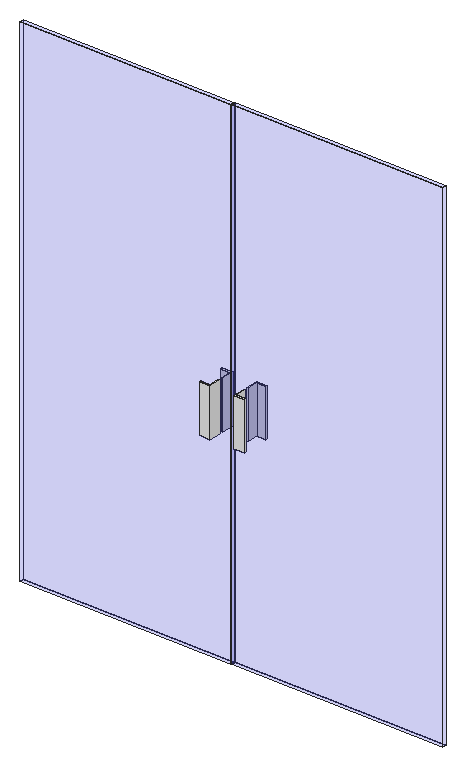
Revit family "M_Porta-Parede-Cortina-Vidro-Duplo", category Portas, Revit 2019
Family settings
  Número OmniClass = 23.30.10.00
  Título OmniClass = Doors
  Sempre na vertical = Sim
  Corte com vazios quando carregada = Não
  Compartilhado = Não
  Ponto de cálculo do ambiente = Não
Parameters
  Largura [instance] = 1800 mm
  Visual Light Transmittance = 0
  Resistência térmica (R) = 1.7611 (m²·K)/W
  Ângulo de abertura [instance] = 90.00°
  Solar Heat Gain Coefficient = 0
  Largura do painel [instance] = 1 / 2 * Largura  # 900 mm
  Deslocamento = 50.8 mm
  Construction Type Id = ""
  Coeficiente de transferência de calor (U) = 0.567826 W/(m²·K)
  Material da maçaneta = Alumín. 1
  Vidraça = Vidro
  Função = Exterior
  Código de montagem = "B2030100"
  Construção analítica = "<Nenhum>"
Reference planes
  plane 1 "Centro (Frente/Trás)": y = 0
  plane 2: z = 0
  plane 3 "Centro (Esquerda/Direita)": x = 0.023
  plane 4 "Esquerda": x = -899.977
  plane 5 "Direita": x = 900.023
  plane 6 "Superior": z = 2133.6
  plane 7: z = 1066.8
  plane 8: y = 50.8
  plane 9: z = 863.6
  plane 10: z = 1066.8
Forms (mm)
  Extrusion 1, solid, material "Vidro" <- "Vidraça"
    sketch origin (0, 0, 0) x (1, 0, 0) y (0, 0, 1)
      loop
        line (900.023, 2133.6) -> (1.611, 2133.6) -> (1.611, 0) -> (900.023, 0) -> (900.023, 2133.6)
    from -50.8 to -31.75
  Extrusion 2, solid, material "Vidro" <- "Vidraça"
    sketch origin (0, 0, 0) x (1, 0, 0) y (0, 0, 1)
      loop
        line (-899.977, 2133.6) -> (-899.977, 0) -> (-1.564, 0) -> (-1.564, 2133.6) -> (-899.977, 2133.6)
    from -50.8 to -31.75
  Extrusion 3, solid, material "Alumín. 1" <- "Material da maçaneta", detail levels fine
    sketch origin (-82.5, 0, 0) x (1, 0, 0) y (0, 1, 0)
      loop
        line (31.723, 50.8) -> (31.723, 101.6) -> (-12.727, 101.6) -> (-12.727, 95.25) -> (25.373, 95.25) -> (25.373, 50.8) -> (31.723, 50.8)
      loop
        line (133.323, 50.8) -> (139.673, 50.8) -> (139.673, 95.25) -> (177.773, 95.25) -> (177.773, 101.6) -> (133.323, 101.6) -> (133.323, 50.8)
      loop
        line (31.723, 31.75) -> (25.373, 31.75) -> (25.373, -12.7) -> (-12.727, -12.7) -> (-12.727, -19.05) -> (31.723, -19.05) -> (31.723, 31.75)
      loop
        line (133.323, 31.75) -> (133.323, -19.05) -> (177.773, -19.05) -> (177.773, -12.7) -> (139.673, -12.7) -> (139.673, 31.75) -> (133.323, 31.75)
    from 863.6 to 1066.8
Lines and regions (mm)
  symbolic lines, style "Giro da elevação"
    curve 1: line (1.611, 0, 2133.6) -> (900.023, 0, 1066.8)
    curve 2: line (900.023, 0, 1066.8) -> (0.023, 0, -1.855)
    curve 3: line (0.023, 0, -1.855) -> (-899.977, 0, 1066.8)
    curve 4: line (-899.977, 0, 1066.8) -> (-1.564, 0, 2133.6)
Text (mm)
  text "Exterior" at (-873.151, 1092.624, 0), in view "Nível de referência"
Dimensions and locks
  equal spacing: plane 4 "Esquerda", plane 3 "Centro (Esquerda/Direita)", plane 5 "Direita"
  equal spacing: plane 2, plane 7, plane 6 "Superior"
  locked: Extrusion 1 sketch curve to plane 3 "Centro (Esquerda/Direita)" at 1.587
  "Deslocamento": plane 1 "Centro (Frente/Trás)" to plane 8
  locked: Extrusion 1 to plane 8 at 19.05
  locked: plane 3 "Centro (Esquerda/Direita)" to Extrusion 2 sketch curve at 1.588
  locked: Extrusion 2 to plane 8 at 19.05
  plane 2 to plane 9 = 863.6 mm
  locked: plane 9 to plane 10 at 203.2
  Extrusion 3 sketch curve to Extrusion 3 sketch curve to plane 8 = 6.35 mm locked, 44.45 mm locked
  plane 8 to Extrusion 3 sketch curve to Extrusion 3 sketch curve = 44.45 mm locked, 6.35 mm locked
  Extrusion 3 sketch curve to Extrusion 3 sketch curve to Extrusion 1 = 6.35 mm locked, 44.45 mm locked
  Extrusion 2 to Extrusion 3 sketch curve to Extrusion 3 sketch curve = 44.45 mm locked, 6.35 mm locked
  plane 4 "Esquerda" to plane 3 "Centro (Esquerda/Direita)" = 900 mm
  "Largura": plane 4 "Esquerda" to plane 5 "Direita"
  aligned and locked: Extrusion 1 sketch curve to plane 5 "Direita"
  aligned and locked: Extrusion 1 sketch curve to plane 6 "Superior"
  aligned and locked: Extrusion 1 sketch curve to level
  aligned and locked: Extrusion 1 to plane 8
  aligned and locked: level to Extrusion 2 sketch curve
  aligned and locked: Extrusion 2 sketch curve to plane 4 "Esquerda"
  aligned and locked: plane 6 "Superior" to Extrusion 2 sketch curve
  aligned and locked: Extrusion 1 to Extrusion 2
  aligned and locked: plane 10 to Extrusion 3
  aligned and locked: plane 9 to Extrusion 3
  aligned and locked: plane 8 to Extrusion 3 sketch curve
  aligned and locked: Extrusion 3 sketch curve to plane 8
  aligned and locked: Extrusion 3 sketch curve to Extrusion 3 sketch curve
  aligned and locked: Extrusion 3 sketch curve to Extrusion 1
  aligned and locked: plane 8 to nested 1
  aligned and locked: nested 1 to plane 5 "Direita"  (x2)
  aligned and locked: nested 2 to plane 3 "Centro (Esquerda/Direita)"
  aligned and locked: nested 1 to plane 3 "Centro (Esquerda/Direita)"
  aligned and locked: nested 2 to plane 4 "Esquerda"
  aligned and locked: nested 2 to plane 8
Automatic sketch dimensions
  curve 4 to plane 6 "Superior" = 0 mm
  curve 1 to plane 6 "Superior" = 0 mm
  curve 2 to plane 5 "Direita" = 0 mm
  curve 2 to plane 7 = 0 mm
  curve 4 to plane 4 "Esquerda" = 0 mm
  curve 4 to plane 7 = 0 mm
  curve 3 to plane 3 "Centro (Esquerda/Direita)" = 0 mm
  curve 3 to level = 1.855 mm
  curve 4 to plane 3 "Centro (Esquerda/Direita)" = 1.588 mm
  plane 3 "Centro (Esquerda/Direita)" to curve 1 = 1.587 mm
  Extrusion 3 sketch curve to plane 3 "Centro (Esquerda/Direita)" = 95.25 mm  (x2)
  Extrusion 3 sketch curve to Extrusion 3 sketch curve = 38.1 mm  (x3)
  Extrusion 3 sketch curve to Extrusion 3 sketch curve = 0 mm
  Extrusion 3 sketch curve to Extrusion 3 sketch curve = 6.35 mm  (x4)
  plane 3 "Centro (Esquerda/Direita)" to Extrusion 3 sketch curve = 50.8 mm  (x2)
Nested families
  nested 1: "Porta de parede cortina abertura única" at (900.023, 50.8, 0), Ângulo de abertura <- "Ângulo de abertura", type "Único"
    with Abertura visível yes, Ângulo de abertura 90.00°, Ângulo real 90.00°
  nested 2: "Porta de parede cortina abertura única" at (-899.977, 50.8, 0) x (-1, 0, 0) z (0, 0, 1), Ângulo de abertura <- "Ângulo de abertura", type "Único"
    with Abertura visível yes, Ângulo de abertura 90.00°, Ângulo real 90.00°
Definition of nested family "Porta de parede cortina abertura única"
  Parameters (values of type "Único")
    Width = 900 mm
    Thickness = 0 mm
    Abertura visível [instance] = Ângulo de abertura > 1.00°  # yes
    Ângulo de abertura [instance] = 45.00°
    Assembly Code = ""
    Analytic Construction = "<Nenhum>"
    Ângulo real [instance] = if(Ângulo de abertura < 1.00°, 1.00°, Ângulo de abertura)  # 45.00°
  Reference planes
    plane 1 "Centro (Frente/Trás)": y = 0
    plane 2: z = 0
    plane 3 "Centro (Esquerda/Direita)": x = 0
    plane 4: x = -900
  Lines and regions (mm)
    symbolic lines
      curve 1: line (0, 0, 0) -> (-900, 0, 0)
      curve 5: line (0, 0, 0) -> (-636.396, 636.396, 0)
    symbolic lines, visible <- "Abertura visível"
      curve 2: arc (-900, 0, 0) -> (-831.492, 344.415, 0) -> (-636.396, 636.396, 0) r 900
    reference lines
      curve 3: line (0, 0, 0) -> (-636.396, 636.396, 0)
    model lines
      curve 4: line (0, 0, 0) -> (0, 0, 25.4)
  Dimensions and locks
    "Width": plane 4 to plane 3 "Centro (Esquerda/Direita)"
    locked: curve 2 to plane 3 "Centro (Esquerda/Direita)"
    locked: curve 2 to plane 1 "Centro (Frente/Trás)"
    "Width": curve 3 to curve 3
    locked: curve 4 to plane 2 at 25.4
    "Width": radius of curve 2
    "Ângulo real": angle curve 2 to curve 2
    "Ângulo de abertura": angle curve 3 to plane 1 "Centro (Frente/Trás)"
    aligned and locked: plane 3 "Centro (Esquerda/Direita)" to curve 1
    aligned and locked: plane 3 "Centro (Esquerda/Direita)" to curve 3
    aligned and locked: plane 1 "Centro (Frente/Trás)" to curve 3
    aligned and locked: plane 3 "Centro (Esquerda/Direita)" to curve 4
    aligned and locked: plane 2 to curve 4
    aligned and locked: curve 5 to curve 3
